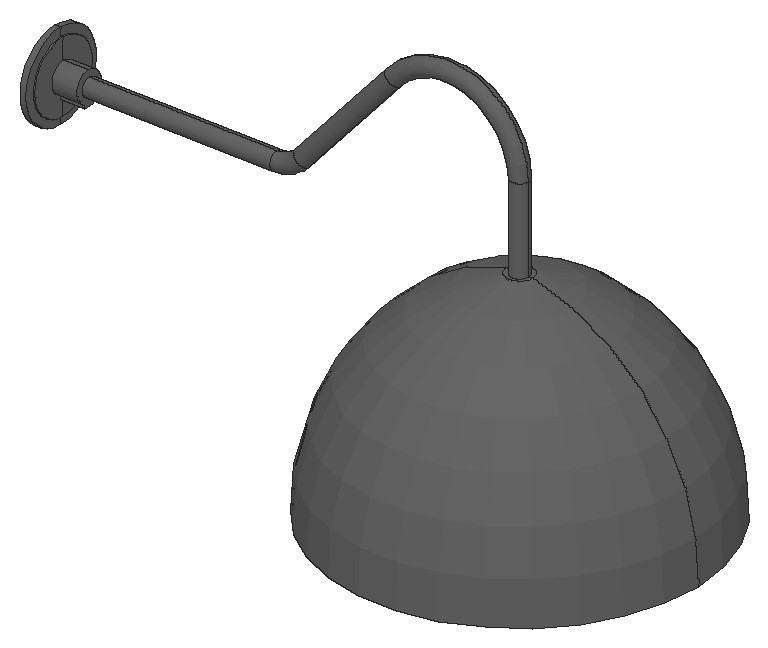
Revit family "DEEP DOME_MB 12,16,20", category Lighting Fixtures, Revit 2020
Family settings
  Round Connector Dimension = Use Diameter
  Part Type = Normal
  OmniClass Number = 23.80.70.00
  OmniClass Title = Lighting
  Work Plane-Based = No
  Always vertical = Yes
  Cut with Voids When Loaded = No
  Light Source = Yes
  Shared = No
  Room Calculation Point = No
Parameters (values of type "DD20")
  b = 0' - 7"
  a = 1' - 0 1/4"
  Weight = "6 lb"
  Wattage Comments = "200W"
  Wattage = 20.1963 W
  Warranty = "5 year limited warranty"  # constant formula
  built-in parameter 1150110 = 1 (stored number, unit not read)
  Voltage = 120 V
  URL = "https://www.anplighting.com/assets/Uploads/product-attachments/specification-sheets/ANP-Specification-Sheet-RLM-MB-DD20.pdf"
  built-in parameter 1114217 = 1 (stored number, unit not read)
  Tilt Angle = 90.00°
  built-in parameter 1150109 = 1 (stored number, unit not read)
  built-in parameter 1150134 = (empty or 0)
  built-in parameter 1150113 = 1 (stored number, unit not read)
  Photometric Web File = "generic"
  built-in parameter 1150142 = (empty or 0)
  Mounting Option [instance] = 2
  Power Factor = 1
  Post Mount [instance] = Mounting Option = 5  # no
  Placement X axis side [instance] = if(Post Mount, 2' 2 15/32", if(Cord or Stem Mount, 0' 0", if(E36 20 inch, 1' 8 1/4", if(E 6 26 inch, 2' 2", if(E7 41 inch, 3' 5 1/4", 0' 1")))))  # 2' - 2"
  Model = "DD20"
  Manufacturer = "ANP Lighting"  # constant formula
  built-in parameter 1150105 = 238.73 (stored number, unit not read)
  Lumens = 3000 lm
  built-in parameter 1150115 = 1 (stored number, unit not read)
  Load Classification = Lighting
  Light Source Height [instance] = 0' - 0"
  built-in parameter 1150137 = (empty or 0)
  built-in parameter 1150139 = (empty or 0)
  Light Elevation _2 [instance] = if(Post Mount, 0' 0.66142", if(E7 41 inch, 0' 0.66142", if(E36 20 inch, 0' 1.65748", if(E 6 26 inch, 0' 1.53543", if(Cord or Stem Mount, (0' 4.3622" + Cord Length), 0' 0")))))  # 0' - 1.53543"
  Light Elevation _1 [instance] = if(Post Mount, 0' 0", if(E7 41 inch, 0' 0", if(E36 20 inch, 0' 1", if(E 6 26 inch, 0' 0.87402", if(Cord or Stem Mount, (0' 3.66142" + Cord Length), 0' 0")))))  # 0' - 0.87402"
  Light Elevation [instance] = if(Post Mount, 14' 0.5315", if(E7 41 inch, 0' 0", 0' 0"))  # 0' - 0"
  Life = "L70 50,000 hours"  # constant formula
  built-in parameter 1150112 = 1 (stored number, unit not read)
  built-in parameter 1150114 = 1 (stored number, unit not read)
  Lamp = "MB"
  built-in parameter 1150132 = 2
  built-in parameter 1150102 = (empty or 0)
  built-in parameter 1150107 = 3000 (stored number, unit not read)
  built-in parameter 1150138 = (empty or 0)
  built-in parameter 1150106 = 2.3873 (stored number, unit not read)
  Fixture Height = 1' - 0 1/4"
  Fixture Diameter = 1' - 8"
  Efficiency = "97-125 lumens per watt"  # constant formula
  built-in parameter 1150104 = 13.8 (stored number, unit not read)
  E7 41 inch [instance] = Mounting Option = 4  # no
  E36 20 inch [instance] = Mounting Option = 3  # no
  E 6 26 inch [instance] = Mounting Option = 2  # yes
  Dimming Lamp Color Temperature Shift = <None>
  Dimming = "1%"  # constant formula
  Description = "120-277 Voltage"  # constant formula
  Default Elevation = 0' - 0"
  DD20 = yes
  DD16 = no
  DD12 = no
  Cord or Stem Mount [instance] = Mounting Option = 1  # no
  Cord Length option [instance] = 0
  Cord Length [instance] = if([2' Cord], 2' 0", if([4' Cord], 4' 0", if([8' Cord], 8' 0", if([10' Cord], 10' 0", if([6' Cord], 6' 0", 6' 0")))))  # 6' - 0"
  Construction Material = "Heavy Duty spun aluminum."  # constant formula
  Color Filter = 16777215
  Canopy Body = body
  CRI = ">90"  # constant formula
  Bulb = Glass
  Body Material = body
  Body Colour = "Spun aluminium"  # constant formula
  built-in parameter 1114218 = 1 (stored number, unit not read)
  built-in parameter 1150133 = 10 (stored number, unit not read)
  Apparent Load = 200 VA
  8' Cord [instance] = Cord Length option = 8  # no
  6' Cord [instance] = Cord Length option = 6  # no
  4' Cord [instance] = Cord Length option = 4  # no
  2' Cord [instance] = Cord Length option = 2  # no
  10' Cord [instance] = Cord Length option = 10  # no
Types (4): name | b | a | Weight | Wattage | URL | Model | built-in parameter 1150105 | Lumens | built-in parameter 1150106 | Fixture Height | Fixture Diameter | DD20 | DD16 | DD12
  (no name) | 0' - 7" | 1' - 0 1/4" | "6 lb" | 20.1963 W | "https://www.anplighting.com/assets/Uploads/product-attachments/specification-sheets/ANP-Specification-Sheet-RLM-MB-DD20.pdf" | "DD20" | 238.73 (stored number, unit not read) | 3000 lm | 2.3873 (stored number, unit not read) | 1' - 0 1/4" | 1' - 8" | yes | no | no
  DD12 | 0' - 3" | 0' - 9 1/4" | "2.0 lb" | 13.4642 W | "https://www.anplighting.com/assets/Uploads/product-attachments/specification-sheets/ANP-Specification-Sheet-RLM-MB-DD12.pdf" | "DD12" | 159.15 (stored number, unit not read) | 2000 lm | 1.5915 (stored number, unit not read) | 0' - 7 1/4" | 1' - 0" | no | no | yes
  DD16 | 0' - 5 1/4" | 0' - 10 3/4" | "4.0 lbs" | 20.1963 W | "https://www.anplighting.com/assets/Uploads/product-attachments/specification-sheets/ANP-Specification-Sheet-RLM-MB-DD16.pdf" | "DD16" | 238.73 (stored number, unit not read) | 3000 lm | 2.3873 (stored number, unit not read) | 0' - 9 3/4" | 1' - 4" | no | yes | no
  DD20 | 0' - 7" | 1' - 0 1/4" | "6 lb" | 20.1963 W | "https://www.anplighting.com/assets/Uploads/product-attachments/specification-sheets/ANP-Specification-Sheet-RLM-MB-DD20.pdf" | "DD20" | 238.73 (stored number, unit not read) | 3000 lm | 2.3873 (stored number, unit not read) | 1' - 0 1/4" | 1' - 8" | yes | no | no
Reference planes (in)
  plane 1 "Light Source Axis (F/B)": y = 0
  plane 2: z = 0
  plane 3 "Light Source Axis (L/R)": x = 0
  plane 4 "Light Source Elevation": z = 0
  plane 5: z = 0
  plane 6: x = 26
  plane 7 "Bulb Position": z = -1.53543
  plane 8 "Canopy Position": z = -0.87402
  plane 9 "IES": z = -1.53543
  plane 10: z = 164.5315
  plane 11: z = -13.12402
  plane 12: z = -6.12402
  plane 13: z = -3.69289
Dimensions and locks (in)
  "Light Elevation": plane 5 to plane 2
  "Placement X axis side": plane 6 to plane 3 "Light Source Axis (L/R)"
  "Light Elevation _2": plane 5 to plane 7 "Bulb Position"
  "Light Elevation _1": plane 5 to plane 8 "Canopy Position"
  "Light Source Height": plane 7 "Bulb Position" to plane 9 "IES"
  locked: plane 4 "Light Source Elevation" to plane 2
  "a": plane 8 "Canopy Position" to plane 11
  "b": plane 12 to plane 11
  locked: plane 13 to plane 12 at 2.43113
  aligned and locked: level to plane 2
  aligned and locked: plane 1 "Light Source Axis (F/B)" to nested 5
  aligned and locked: nested 5 to plane 2
  aligned and locked: nested 1 to plane 3 "Light Source Axis (L/R)"
  aligned and locked: plane 3 "Light Source Axis (L/R)" to nested 2
  aligned and locked: plane 3 "Light Source Axis (L/R)" to nested 4
  aligned and locked: nested 3 to plane 5
  aligned and locked: plane 3 "Light Source Axis (L/R)" to nested 3
  aligned and locked: plane 3 "Light Source Axis (L/R)" to nested 5
  aligned and locked: plane 1 "Light Source Axis (F/B)" to nested 2
  aligned and locked: plane 1 "Light Source Axis (F/B)" to nested 1
  aligned and locked: plane 1 "Light Source Axis (F/B)" to nested 4
  aligned and locked: plane 1 "Light Source Axis (F/B)" to nested 3
  aligned and locked: plane 2 to nested 1
  aligned and locked: plane 2 to nested 2
  aligned and locked: nested 4 to plane 2
  aligned and locked: imposter light to plane 12
  aligned and locked: plane 6 to imposter light
  aligned and locked: plane 1 "Light Source Axis (F/B)" to nested 6
  aligned and locked: plane 1 "Light Source Axis (F/B)" to nested 7
  aligned and locked: plane 1 "Light Source Axis (F/B)" to nested 8
  aligned and locked: plane 6 to nested 8
  aligned and locked: plane 6 to nested 7
  aligned and locked: plane 6 to nested 6
  aligned and locked: nested 8 to plane 8 "Canopy Position"
  aligned and locked: nested 7 to plane 8 "Canopy Position"
  aligned and locked: nested 6 to plane 8 "Canopy Position"
Nested families (in)
  nested 1: "CORD OR STEM MOUNT" at (0, 0, -75.67), visible <- "Cord or Stem Mount", Cord or Stem Mount <- "Cord or Stem Mount", Body Material <- "Body Material", Light Elevation <- "Light Elevation", Cord Length <- "Cord Length", 10' Cord <- "10' Cord", 2' Cord <- "2' Cord", 4' Cord <- "4' Cord", 6' Cord <- "6' Cord", 8' Cord <- "8' Cord", type "CORD OR STEM MOUNT"
    with Light Elevation 0' - 0", Cord or Stem Mount no, Cord Length 6' - 0", Body Material body, 8' Cord no, 6' Cord no, 4' Cord no, 2' Cord no, 10' Cord no
  nested 2: "E6 26 INCH" at (26, 0, 0), visible <- "E 6 26 inch", Chain Length <- "Cord Length", E 6 26 inch <- "E 6 26 inch", Placement X axis side <- "Placement X axis side", Body Material <- "Body Material", Light Elevation <- "Light Elevation", type "E6 26 INCH"
    with Placement X axis side 2' - 2", Light Elevation 0' - 0", E 6 26 inch yes, Chain Length 6' - 0", Body Material body
  nested 3: "E7 41 INCH" at (26, 0, 0), Chain Length <- "Cord Length", visible <- "E7 41 inch", E7 41 inch <- "E7 41 inch", Placement X axis side <- "Placement X axis side", Body Material <- "Body Material", Light Elevation <- "Light Elevation", type "E7 41 INCH"
    with Placement X axis side 2' - 2", Light Elevation 0' - 0", E7 41 inch no, Chain Length 6' - 0", Body Material body
  nested 4: "E36 20 INCH" at (26, 0, 0), visible <- "E36 20 inch", E36 20 inch <- "E36 20 inch", Placement X axis side <- "Placement X axis side", Chain Length <- "Cord Length", Body Material <- "Body Material", Light Elevation <- "Light Elevation", type "E36 20 INCH"
    with Placement X axis side 2' - 2", Light Elevation 0' - 0", E36 20 inch no, Chain Length 6' - 0", Body Material body
  nested 5: "POST MOUNT" at (26, 0, 0), visible <- "Post Mount", Post Mount <- "Post Mount", Placement X axis side <- "Placement X axis side", Chain Length <- "Cord Length", Body Material <- "Body Material", Light Elevation <- "Light Elevation", type "POST MOUNT"
    with Post Mount no, Placement X axis side 2' - 2", Light Elevation 0' - 0", Chain Length 6' - 0", Body Material body
  nested 6: "DD12_1" at (26, 0, -0.87402), DD12 <- "DD12", visible <- "DD12", Body <- "Canopy Body", Bulb <- "Bulb", Light Elevation <- "Light Elevation", type "DD12_1"
    with Light Elevation 0' - 0", DD12 no, Bulb Glass, Body body
  nested 7: "DD16_1" at (26, 0, -0.87402), DD16 <- "DD16", visible <- "DD16", Body <- "Canopy Body", Bulb <- "Bulb", Light Elevation <- "Light Elevation", type "DD16_1"
    with Light Elevation 0' - 0", DD16 no, Bulb Glass, Body body
  nested 8: "DD20_1" at (26, 0, -0.87402), DD20 <- "DD20", visible <- "DD20", Body <- "Canopy Body", Bulb <- "Bulb", Light Elevation <- "Light Elevation", type "DD20_1"
    with Light Elevation 0' - 0", DD20 yes, Bulb Glass, Body body
Definition of nested family "E6 26 INCH"
  Parameters (values of type "E6 26 INCH")
    URL = ""
    Placement X axis side [instance] = 2' - 2"
    Model = ""
    Manufacturer = ""
    Light Elevation [instance] = 8' - 4"
    E 6 26 inch [instance] = yes
    Default Elevation = 0' - 0"
    Chain Length [instance] = 0' - 0"
    Body Material [instance] = none
  Reference planes (in)
    plane 1 "Light Source Axis (F/B)": y = 0
    plane 2: z = 0
    plane 3 "Light Source Axis (L/R)": x = 0
    plane 4 "Light Source Elevation": z = 23.125
    plane 5: z = 100
    plane 6: x = -26
    plane 7: z = 99.125
    plane 8: x = -24.12
    plane 9: x = -25.5474
  Forms (in)
    Extrusion 1, void, not visible
      sketch origin (0, 0, 2.38154) x (1, 0, 0) y (0, 0, 1)
        loop
          circle (0, 4.59925) r 0.16583
      from 1.18594 to 1.75
    Extrusion 2, void, not visible
      sketch origin (0, 0, 2.38154) x (0.707107, -0.707107, 0) y (0, 0, 1)
        loop
          circle (0, 4.59925) r 0.16583
      from 1.18594 to 1.75
    Extrusion 3, void, not visible
      sketch origin (0, 0, 2.38154) x (0.707107, 0.707107, 0) y (0, 0, 1)
        loop
          circle (0, 4.59925) r 0.16583
      from 1.18594 to 1.75
    Extrusion 4, void, not visible
      sketch origin (0, 0, 2.38154) x (0, 1, 0) y (0, 0, 1)
        loop
          circle (0, 4.59925) r 0.16583
      from 1.18594 to 1.75
    Extrusion 5, void, not visible
      sketch origin (0, 0, 2.38154) x (-0.707107, 0.707107, 0) y (0, 0, 1)
        loop
          circle (0, 4.59925) r 0.16583
      from 1.18594 to 1.75
    Extrusion 6, void, not visible
      sketch origin (0, 0, 2.38154) x (-1, 0, 0) y (0, 0, 1)
        loop
          circle (0, 4.59925) r 0.20678
      from 1.18594 to 1.75
    Extrusion 7, void, not visible
      sketch origin (0, 0, 2.38154) x (-0.707107, -0.707107, 0) y (0, 0, 1)
        loop
          circle (0, 4.59925) r 0.16583
      from 1.18594 to 1.75
    Extrusion 8, void, not visible
      sketch origin (0, 0, 2.38154) x (0, -1, 0) y (0, 0, 1)
        loop
          circle (0, 4.59925) r 0.16583
      from 1.18594 to 1.75
    Sweep 9, solid, material <- "Body Material", visible <- "E 6 26 inch"
      path origin (-41.25, 0, 168.51693) x (1, 0, 0) y (0, 0, 1)
        loop
          line (17.13, -68.51693) -> (27.68551, -68.51693)
          arc (27.68551, -68.51693) -> (28.47996, -68.34486) -> (29.13202, -67.8595) r 1.92004
          line (29.13202, -67.8595) -> (34.23651, -62.01155)
          arc (34.23651, -62.01155) -> (38.65464, -60.89667) -> (41.25, -64.64193) r 4
          line (41.25, -64.64193) -> (41.25, -69.39193)
      profile origin (-18.84224, 0, 100) x (0, 0, 1) y (0, -1, 0)
        loop
          circle (0, 0) r 0.5
    Revolve 10, solid, material <- "Body Material", visible <- "E 6 26 inch"
      sketch origin (-26, 0, 168.51693) x (1, 0, 0) y (0, 0, 1)
        loop
          line (0, -66.07943) -> (0, -68.51693) -> (1.88, -68.51693) -> (1.88, -67.69272) -> (0.4526, -67.69272) -> (0.4526, -66.54122) -> (0.33125, -66.54122) -> (0.33125, -66.07943) -> (0, -66.07943)
        axis (0, -68.51693) -> (1.88, -68.51693)
      angle from 0 to 360
    Extrusion 11, solid, material <- "Body Material", visible <- "E 6 26 inch"
      sketch origin (-26, 0, 168.51693) x (0, -1, 0) y (0, 0, -1)
        loop
          line (0.25, 68.51693) -> (0.25, 69.51693) -> (-0.25, 69.51693) -> (-0.25, 68.51693) -> (0.25, 68.51693)
      from 0.4526 to 1.88
  Cuts and joins
    joined: Revolve 10, Extrusion 11
  Dimensions and locks (in)
    "Light Elevation": plane 5 to plane 2
    "Placement X axis side": plane 3 "Light Source Axis (L/R)" to plane 6
    locked: plane 5 to plane 7 at 0.875
    Revolve 10 sketch curve to Revolve 10 sketch curve to Revolve 10 sketch curve to plane 6 = 0' - 1.4274" locked, 0' - 0.12135" locked, 0' - 0.33125" locked
    Revolve 10 sketch curve to Revolve 10 sketch curve to Revolve 10 sketch curve to plane 5 = 0' - 0.46179" locked, 0' - 1.1515" locked, 0' - 0 211/256" locked
    locked: Sweep 9 sketch curve to plane 6 at 1.88
    locked: Sweep 9 sketch curve to Sweep 9 sketch curve at 10.55551
    locked: Sweep 9 sketch curve to Sweep 9 sketch curve at 13.56449
    locked: Sweep 9 sketch curve to Sweep 9 sketch curve at 4.75
    locked: plane 9 to plane 6 at 0.4526
    locked: plane 8 to plane 9 at 1.4274
    aligned and locked: level to plane 2
    aligned and locked: Revolve 10 sketch curve to plane 6
    aligned and locked: plane 5 to Revolve 10 sketch curve
    aligned and locked: Revolve 10 sketch curve to plane 5
    aligned and locked: cut or joined group of Revolve 10, Extrusion 11 to plane 9
    aligned and locked: plane 8 to cut or joined group of Revolve 10, Extrusion 11
  Automatic sketch dimensions
    Sweep 9 sketch curve to plane 5 = 0' - 0"
    Sweep 9 sketch curve to Sweep 9 sketch curve = 0' - 4"
    Sweep 9 sketch curve to Sweep 9 sketch curve = 0' - 3.01349"
    plane 5 to Sweep 9 sketch curve = 0' - 0.65743"
    Sweep 9 sketch curve to Sweep 9 sketch curve = 0' - 1.4465"
    Sweep 9 sketch curve to plane 5 = 0' - 0 7/8"
    profile plane to Sweep 9 sketch curve = 0' - 0"
    Sweep 9 sketch curve to profile plane = 0' - 0"
    plane 6 to Revolve 10 sketch curve = 0' - 0.62562"
    Revolve 10 sketch curve to Revolve 10 sketch curve = 0' - 0 1/2"
    Extrusion 11 sketch curve to plane 5 = 0' - 0"
    plane 1 "Light Source Axis (F/B)" to Extrusion 11 sketch curve = 0' - 0 1/4"
    Extrusion 11 sketch curve to plane 1 "Light Source Axis (F/B)" = 0' - 0 1/4"
    plane 5 to Extrusion 11 sketch curve = 0' - 1"
    radius of Sweep 9 sketch curve = 0' - 0 1/2"
Definition of nested family "DD20_1"
  Parameters (values of type "DD20_1")
    Light Elevation [instance] = 4' - 0"
    Default Elevation = 0' - 0"
    DD20 [instance] = yes
    Bulb [instance] = none
    Body [instance] = none
  Reference planes (in)
    plane 1 "Center (Front/Back)": y = 0
    plane 2: z = 0
    plane 3 "Center (Left/Right)": x = 0
    plane 4: z = 48
  Dimensions and locks (in)
    "Light Elevation": plane 4 to plane 2
    locked: plane 4 to nested 2 at 0.73438
    aligned and locked: plane 2 to level
    aligned and locked: plane 1 "Center (Front/Back)" to nested 1
    aligned and locked: plane 3 "Center (Left/Right)" to nested 1
    aligned and locked: nested 1 to plane 4
    aligned and locked: plane 1 "Center (Front/Back)" to nested 2
    aligned and locked: plane 3 "Center (Left/Right)" to nested 2
  Nested families (in)
    nested 1: "DD20" at (0, 0, 48), Body <- "Body", visible <- "DD20", DD20 <- "DD20", type "DD20"
      with DD20 yes, Body none
    nested 2: "BULB" at (0, 0, 47.26562), Bulb_1 <- "DD20", visible <- "DD20", Bulb <- "Bulb", type "BULB"
      with Bulb_1 yes, Bulb none
  Definition of nested family "DD20"
    Parameters (values of type "DD20")
      Default Elevation = 0' - 0"
      DD20 [instance] = yes
      Body [instance] = none
    Reference planes (in)
      plane 1 "Center (Front/Back)": y = 0
      plane 2: z = 0
      plane 3 "Center (Left/Right)": x = 0
    Forms (in)
      Revolve 1, solid, material <- "Body", visible <- "DD20"
        sketch origin (0, 0, 0) x (1, 0, 0) y (0, 0, 1)
          loop
            arc (-0.75, 0) -> (-7.57459, -4.43535) -> (-9.99537, -12.20626) r 11.99167
            line (-9.99537, -12.20626) -> (-9.93281, -12.20626)
            arc (-9.93281, -12.20626) -> (-7.52778, -4.47706) -> (-0.74277, -0.0625) r 11.92917
            line (-0.74277, -0.0625) -> (-0.27836, -0.0625) -> (-0.27836, 0) -> (-0.75, 0)
          axis (0, -12.20626) -> (0, 0)
        angle from 0 to 360
    Dimensions and locks (in)
      locked: level to Revolve 1 at 12.20626
      locked: Revolve 1 to Revolve 1 at 19.99075
      aligned and locked: plane 2 to level
  Definition of nested family "BULB"
    Parameters (values of type "BULB")
      Default Elevation = 0' - 0"
      Bulb_1 [instance] = yes
      Bulb [instance] = none
    Reference planes (in)
      plane 1 "Center (Front/Back)": y = 0
      plane 2: z = 0
      plane 3 "Center (Left/Right)": x = 0
    Forms (in)
      Revolve 1, solid, material <- "Bulb", visible <- "Bulb_1"
        sketch origin (0, 0, 0) x (1, 0, 0) y (0, 0, 1)
          loop
            line (0, 0) -> (0, -2.26549) -> (0.65522, -2.26549)
            arc (0.65522, -2.26549) -> (0.71144, -2.2422) -> (0.73473, -2.18598) r 0.07951
            line (0.73473, -2.18598) -> (0.73473, -2.07134) -> (0.73473, -0.50226) -> (0.45537, -0.50226) -> (0.40791, -0.42006) -> (0.40791, 0) -> (0, 0)
          axis (0, 0) -> (0, -2.26549)
        angle from 0 to 360
    Dimensions and locks (in)
      aligned and locked: plane 2 to level
Definition of nested family "CORD OR STEM MOUNT"
  Parameters (values of type "CORD OR STEM MOUNT")
    URL = ""
    Model = ""
    Manufacturer = ""
    Light Elevation [instance] = 1' - 7.69"
    Default Elevation = 0' - 0"
    Cord or Stem Mount [instance] = yes
    Cord Length [instance] = 6' - 0"
    Body Material [instance] = none
    8' Cord [instance] = no
    6' Cord [instance] = no
    4' Cord [instance] = no
    2' Cord [instance] = no
    10' Cord [instance] = no
  Reference planes (in)
    plane 1 "Light Source Axis (F/B)": y = 0
    plane 2: z = 0
    plane 3 "Light Source Axis (L/R)": x = 0
    plane 4 "Light Source Elevation": z = 23.125
    plane 5: z = 91.69
    plane 6: z = 19.69
  Forms (in)
    Extrusion 1, void, not visible
      sketch origin (0, 0, 2.38154) x (1, 0, 0) y (0, 0, 1)
        loop
          circle (0, 4.59925) r 0.16583
      from 1.18594 to 1.75
    Extrusion 2, void, not visible
      sketch origin (0, 0, 2.38154) x (0.707107, -0.707107, 0) y (0, 0, 1)
        loop
          circle (0, 4.59925) r 0.16583
      from 1.18594 to 1.75
    Extrusion 3, void, not visible
      sketch origin (0, 0, 2.38154) x (0.707107, 0.707107, 0) y (0, 0, 1)
        loop
          circle (0, 4.59925) r 0.16583
      from 1.18594 to 1.75
    Extrusion 4, void, not visible
      sketch origin (0, 0, 2.38154) x (0, 1, 0) y (0, 0, 1)
        loop
          circle (0, 4.59925) r 0.16583
      from 1.18594 to 1.75
    Extrusion 5, void, not visible
      sketch origin (0, 0, 2.38154) x (-0.707107, 0.707107, 0) y (0, 0, 1)
        loop
          circle (0, 4.59925) r 0.16583
      from 1.18594 to 1.75
    Extrusion 6, void, not visible
      sketch origin (0, 0, 2.38154) x (-1, 0, 0) y (0, 0, 1)
        loop
          circle (0, 4.59925) r 0.20678
      from 1.18594 to 1.75
    Extrusion 7, void, not visible
      sketch origin (0, 0, 2.38154) x (-0.707107, -0.707107, 0) y (0, 0, 1)
        loop
          circle (0, 4.59925) r 0.16583
      from 1.18594 to 1.75
    Extrusion 8, void, not visible
      sketch origin (0, 0, 2.38154) x (0, -1, 0) y (0, 0, 1)
        loop
          circle (0, 4.59925) r 0.16583
      from 1.18594 to 1.75
    Revolve 9, solid, material <- "Body Material", visible <- "Cord or Stem Mount"
      sketch origin (0, 0, 174.56698) x (1, 0, 0) y (0, 0, 1)
        loop
          line (2.6875, -79.20698) -> (0, -79.20698) -> (0, -82.87698) -> (0.125, -82.87698) -> (0.125, -82.83698) -> (0.75, -82.83698)
          arc (0.75, -82.83698) -> (0.81694, -82.77004) -> (0.75, -82.7031) r 0.06694
          line (0.75, -82.7031) -> (0.89763, -82.7031) -> (1.00223, -82.5985) -> (1.06587, -82.5985)
          arc (1.06587, -82.5985) -> (1.80099, -82.29401) -> (2.10549, -81.55888) r 1.03962
          line (2.10549, -81.55888) -> (2.10549, -81.03899)
          arc (2.10549, -81.03899) -> (2.12951, -80.981) -> (2.1875, -80.95698) r 0.08201
          line (2.1875, -80.95698) -> (2.1875, -80.70698) -> (2.6875, -80.70698) -> (2.6875, -79.20698)
        axis (0, -79.20698) -> (0, -82.87698)
      angle from 0 to 360
    Revolve 10, solid, material <- "Body Material", visible <- "Cord or Stem Mount"
      sketch origin (0, 0, 0) x (1, 0, 0) y (0, 0, 1)
        loop
          line (0, 91.69) -> (-0.125, 91.69) -> (-0.125, 19.69) -> (0, 19.69) -> (0, 91.69)
        axis (0, 19.69) -> (0, 91.69)
      angle from 0 to 360
  Dimensions and locks (in)
    "Light Elevation": plane 6 to plane 2
    "Cord Length": plane 5 to plane 6
    locked: Revolve 10 sketch curve to Revolve 10 sketch curve at 0.125
    aligned and locked: level to plane 2
    aligned and locked: Revolve 10 sketch curve to plane 3 "Light Source Axis (L/R)"
    aligned and locked: Revolve 10 sketch curve to plane 6
    aligned and locked: Revolve 10 sketch curve to plane 5
    aligned and locked: plane 3 "Light Source Axis (L/R)" to Revolve 10 sketch curve
  Automatic sketch dimensions
    Revolve 9 sketch curve to plane 3 "Light Source Axis (L/R)" = 0' - 0"  (x2)
    Revolve 9 sketch curve to plane 5 = 0' - 0"
    plane 3 "Light Source Axis (L/R)" to Revolve 9 sketch curve = 0' - 0 1/8"
    Revolve 9 sketch curve to plane 5 = 0' - 0.17388"
    Revolve 9 sketch curve to Revolve 9 sketch curve = 0' - 0 5/8"
    Revolve 9 sketch curve to Revolve 9 sketch curve = 0' - 0.14763"
    Revolve 9 sketch curve to plane 5 = 0' - 0.27847"
    Revolve 9 sketch curve to Revolve 9 sketch curve = 0' - 0.1046"
    Revolve 9 sketch curve to Revolve 9 sketch curve = 0' - 0.06364"
    Revolve 9 sketch curve to Revolve 9 sketch curve = 0' - 1.03962"
    Revolve 9 sketch curve to Revolve 9 sketch curve = 0' - 0 21/256"
    Revolve 9 sketch curve to Revolve 9 sketch curve = 0' - 0 1/2"  (x2)
    Revolve 9 sketch curve to Revolve 9 sketch curve = 0' - 0.51989"
    Revolve 9 sketch curve to Revolve 9 sketch curve = 0' - 0 1/4"
    Revolve 9 sketch curve to Revolve 9 sketch curve = 0' - 2.3519"
    Revolve 9 sketch curve to Revolve 9 sketch curve = 0' - 1 1/4"
    Revolve 9 sketch curve to Revolve 9 sketch curve = 0' - 0.04"
    Revolve 10 sketch curve to Revolve 10 sketch curve = 0' - 0 1/2"
    Revolve 10 sketch curve to Revolve 10 sketch curve = 0' - 0.42345"
Definition of nested family "E7 41 INCH"
  Parameters (values of type "E7 41 INCH")
    URL = ""
    Placement X axis side [instance] = 4' - 2"
    Model = ""
    Manufacturer = ""
    Light Elevation [instance] = 8' - 4"
    E7 41 inch [instance] = yes
    Default Elevation = 0' - 0"
    Chain Length [instance] = 0' - 0"
    Body Material [instance] = none
  Reference planes (in)
    plane 1 "Light Source Axis (F/B)": y = 0
    plane 2: z = 0
    plane 3 "Light Source Axis (L/R)": x = 0
    plane 4 "Light Source Elevation": z = 23.125
    plane 5: z = 100
    plane 6: x = -50
  Forms (in)
    Extrusion 1, void, not visible
      sketch origin (0, 0, 2.38154) x (1, 0, 0) y (0, 0, 1)
        loop
          circle (0, 4.59925) r 0.16583
      from 1.18594 to 1.75
    Extrusion 2, void, not visible
      sketch origin (0, 0, 2.38154) x (0.707107, -0.707107, 0) y (0, 0, 1)
        loop
          circle (0, 4.59925) r 0.16583
      from 1.18594 to 1.75
    Extrusion 3, void, not visible
      sketch origin (0, 0, 2.38154) x (0.707107, 0.707107, 0) y (0, 0, 1)
        loop
          circle (0, 4.59925) r 0.16583
      from 1.18594 to 1.75
    Extrusion 4, void, not visible
      sketch origin (0, 0, 2.38154) x (0, 1, 0) y (0, 0, 1)
        loop
          circle (0, 4.59925) r 0.16583
      from 1.18594 to 1.75
    Extrusion 5, void, not visible
      sketch origin (0, 0, 2.38154) x (-0.707107, 0.707107, 0) y (0, 0, 1)
        loop
          circle (0, 4.59925) r 0.16583
      from 1.18594 to 1.75
    Extrusion 6, void, not visible
      sketch origin (0, 0, 2.38154) x (-1, 0, 0) y (0, 0, 1)
        loop
          circle (0, 4.59925) r 0.20678
      from 1.18594 to 1.75
    Extrusion 7, void, not visible
      sketch origin (0, 0, 2.38154) x (-0.707107, -0.707107, 0) y (0, 0, 1)
        loop
          circle (0, 4.59925) r 0.16583
      from 1.18594 to 1.75
    Extrusion 8, void, not visible
      sketch origin (0, 0, 2.38154) x (0, -1, 0) y (0, 0, 1)
        loop
          circle (0, 4.59925) r 0.16583
      from 1.18594 to 1.75
    Revolve 9, solid, material <- "Body Material", visible <- "E7 41 inch"
      sketch origin (-41.25, 0, 168.39193) x (1, 0, 0) y (0, 0, 1)
        loop
          line (-8.75, -66.20443) -> (-8.75, -68.51693) -> (-6.87, -68.51693) -> (-6.87, -67.69272) -> (-8.2974, -67.69272) -> (-8.2974, -66.54122) -> (-8.41875, -66.54122) -> (-8.41875, -66.20443) -> (-8.75, -66.20443)
        axis (-8.75, -68.51693) -> (-6.87, -68.51693)
      angle from 0 to 360
    Extrusion 10, solid, material <- "Body Material", visible <- "E7 41 inch"
      sketch origin (-41.25, 0, 168.39193) x (0, -1, 0) y (0, 0, -1)
        loop
          line (0.25, 68.51693) -> (0.25, 69.51693) -> (-0.25, 69.51693) -> (-0.25, 68.51693) -> (0.25, 68.51693)
      from -8.2974 to -6.87
    Sweep 11, solid, material <- "Body Material", visible <- "E7 41 inch"
      path origin (-41.25, 0, 168.39193) x (1, 0, 0) y (0, 0, 1)
        loop
          line (-6.87, -68.51693) -> (16.04011, -68.51693)
          arc (16.04011, -68.51693) -> (17.864, -68.13651) -> (19.38375, -67.0587) r 4.5625
          line (19.38375, -67.0587) -> (24.70217, -61.33018)
          arc (24.70217, -61.33018) -> (29.64465, -60.20324) -> (32.5, -64.39193) r 4.5
          line (32.5, -64.39193) -> (32.5, -68.39193)
      profile origin (-36.66494, 0, 99.875) x (0, 0, 1) y (0, -1, 0)
        loop
          circle (0, 0) r 0.5
  Dimensions and locks (in)
    "Placement X axis side": plane 3 "Light Source Axis (L/R)" to plane 6
    "Light Elevation": plane 5 to plane 2
    locked: Revolve 9 sketch curve to Revolve 9 sketch curve at 0.33125
    locked: Revolve 9 sketch curve to Revolve 9 sketch curve at 0.4526
    locked: Revolve 9 sketch curve to Revolve 9 sketch curve at 1.88
    locked: Revolve 9 sketch curve to Revolve 9 sketch curve at 0.82421
    locked: Revolve 9 sketch curve to Revolve 9 sketch curve at 1.1515
    locked: Revolve 9 sketch curve to Revolve 9 sketch curve at 0.33679
    locked: plane 5 to Revolve 9 sketch curve at 0.125
    locked: Extrusion 10 sketch curve to Extrusion 10 sketch curve at 0.5
    locked: Extrusion 10 sketch curve to Extrusion 10 sketch curve at 1
    locked: plane 5 to Extrusion 10 sketch curve at 0.125
    locked: plane 5 to Sweep 11 sketch curve at 0.125
    locked: Sweep 11 sketch curve to Sweep 11 sketch curve at 39.37
    locked: Sweep 11 sketch curve to Sweep 11 sketch curve at 4
    locked: plane 6 to Extrusion 10 at 0.4526
    locked: Sweep 11 sketch curve to plane 6 at 1.88
    locked: Extrusion 10 to Extrusion 10 at 1.4274
    aligned and locked: plane 2 to level
    aligned and locked: Revolve 9 sketch curve to plane 6
  Automatic sketch dimensions
    Revolve 9 sketch curve to plane 5 = 0' - 0 1/8"
    plane 6 to Revolve 9 sketch curve = 0' - 0.62562"
    Revolve 9 sketch curve to Revolve 9 sketch curve = 0' - 0 1/2"
    plane 1 "Light Source Axis (F/B)" to Extrusion 10 sketch curve = 0' - 0 1/4"
    Sweep 11 sketch curve to plane 5 = 0' - 0"
    Sweep 11 sketch curve to Sweep 11 sketch curve = 0' - 4 1/2"
    Sweep 11 sketch curve to Sweep 11 sketch curve = 0' - 3.29783"
    plane 5 to Sweep 11 sketch curve = 0' - 1.33323"
    Sweep 11 sketch curve to Sweep 11 sketch curve = 0' - 5.31842"
    Sweep 11 sketch curve to Sweep 11 sketch curve = 0' - 3.34364"
    profile plane to Sweep 11 sketch curve = 0' - 0"
    Sweep 11 sketch curve to profile plane = 0' - 0"
    radius of Sweep 11 sketch curve = 0' - 0 1/2"
Definition of nested family "E36 20 INCH"
  Parameters (values of type "E36 20 INCH")
    URL = ""
    Placement X axis side [instance] = 1' - 8 1/4"
    Model = ""
    Manufacturer = ""
    Light Elevation [instance] = 8' - 4"
    E36 20 inch [instance] = yes
    Default Elevation = 0' - 0"
    Chain Length [instance] = 0' - 0"
    Body Material [instance] = none
  Reference planes (in)
    plane 1 "Light Source Axis (F/B)": y = 0
    plane 2: z = 0
    plane 3 "Light Source Axis (L/R)": x = 0
    plane 4 "Light Source Elevation": z = 23.125
    plane 5: z = 99
    plane 6: x = -20.25
    plane 7: z = 100
    plane 8: x = -18.37008
    plane 9: x = -19.79724
  Forms (in)
    Extrusion 1, void, not visible
      sketch origin (0, 0, 2.38154) x (1, 0, 0) y (0, 0, 1)
        loop
          circle (0, 4.59925) r 0.16583
      from 1.18594 to 1.75
    Extrusion 2, void, not visible
      sketch origin (0, 0, 2.38154) x (0.707107, -0.707107, 0) y (0, 0, 1)
        loop
          circle (0, 4.59925) r 0.16583
      from 1.18594 to 1.75
    Extrusion 3, void, not visible
      sketch origin (0, 0, 2.38154) x (0.707107, 0.707107, 0) y (0, 0, 1)
        loop
          circle (0, 4.59925) r 0.16583
      from 1.18594 to 1.75
    Extrusion 4, void, not visible
      sketch origin (0, 0, 2.38154) x (0, 1, 0) y (0, 0, 1)
        loop
          circle (0, 4.59925) r 0.16583
      from 1.18594 to 1.75
    Extrusion 5, void, not visible
      sketch origin (0, 0, 2.38154) x (-0.707107, 0.707107, 0) y (0, 0, 1)
        loop
          circle (0, 4.59925) r 0.16583
      from 1.18594 to 1.75
    Extrusion 6, void, not visible
      sketch origin (0, 0, 2.38154) x (-1, 0, 0) y (0, 0, 1)
        loop
          circle (0, 4.59925) r 0.20678
      from 1.18594 to 1.75
    Extrusion 7, void, not visible
      sketch origin (0, 0, 2.38154) x (-0.707107, -0.707107, 0) y (0, 0, 1)
        loop
          circle (0, 4.59925) r 0.16583
      from 1.18594 to 1.75
    Extrusion 8, void, not visible
      sketch origin (0, 0, 2.38154) x (0, -1, 0) y (0, 0, 1)
        loop
          circle (0, 4.59925) r 0.16583
      from 1.18594 to 1.75
    Sweep 9, solid, material <- "Body Material", visible <- "E36 20 inch"
      path origin (-41.25, 0, 169.51693) x (1, 0, 0) y (0, 0, 1)
        loop
          line (22.88, -69.51693) -> (28.93827, -69.51693)
          arc (28.93827, -69.51693) -> (29.97705, -69.28152) -> (30.81284, -68.62128) r 2.40953
          line (30.81284, -68.62128) -> (34.13807, -64.50378)
          arc (34.13807, -64.50378) -> (38.58272, -63.24548) -> (41.25, -67.01693) r 4
          line (41.25, -67.01693) -> (41.25, -70.51693)
      profile origin (-15.34086, 0, 100) x (0, 0, 1) y (0, -1, 0)
        loop
          circle (0, 0) r 0.5
    Revolve 10, solid, material <- "Body Material", visible <- "E36 20 inch"
      sketch origin (-20.25, 0, 169.51693) x (1, 0, 0) y (0, 0, 1)
        loop
          line (0, -67.20443) -> (0, -69.51693) -> (1.88, -69.51693) -> (1.88, -68.69272) -> (0.4526, -68.69272) -> (0.4526, -67.54122) -> (0.33125, -67.54122) -> (0.33125, -67.20443) -> (0, -67.20443)
        axis (0, -69.51693) -> (1.88, -69.51693)
      angle from 0 to 360
    Extrusion 11, solid, material <- "Body Material", visible <- "E36 20 inch"
      sketch origin (-20.25, 0, 169.51693) x (0, -1, 0) y (0, 0, -1)
        loop
          line (0.25, 69.51693) -> (0.25, 70.51693) -> (-0.25, 70.51693) -> (-0.25, 69.51693) -> (0.25, 69.51693)
      from 1.87992 to 0.45276
  Cuts and joins
    joined: Revolve 10, Extrusion 11
  Dimensions and locks (in)
    "Light Elevation": plane 7 to plane 2
    "Placement X axis side": plane 3 "Light Source Axis (L/R)" to plane 6
    locked: plane 7 to plane 5 at 1
    Revolve 10 sketch curve to Revolve 10 sketch curve to Revolve 10 sketch curve to plane 7 = 0' - 0.33679" locked, 0' - 1.1515" locked, 0' - 0 211/256" locked
    locked: Sweep 9 sketch curve to plane 6 at 1.88
    locked: Sweep 9 sketch curve to Sweep 9 sketch curve at 6.05827
    locked: Sweep 9 sketch curve to Sweep 9 sketch curve at 12.31173
    locked: Sweep 9 sketch curve to Sweep 9 sketch curve at 3.5
    Revolve 10 sketch curve to Revolve 10 sketch curve to Revolve 10 sketch curve to plane 6 = 0' - 1.4274" locked, 0' - 0.12135" locked, 0' - 0.33125" locked
    locked: plane 9 to plane 6 at 0.45276
    locked: plane 8 to plane 9 at 1.42717
    aligned and locked: level to plane 2
    aligned and locked: plane 7 to Revolve 10 sketch curve
    aligned and locked: Revolve 10 sketch curve to plane 7
    aligned and locked: Revolve 10 sketch curve to plane 6
    aligned and locked: cut or joined group of Revolve 10, Extrusion 11 to plane 9
    aligned and locked: plane 8 to cut or joined group of Revolve 10, Extrusion 11
  Automatic sketch dimensions
    Sweep 9 sketch curve to plane 7 = 0' - 0"
    Sweep 9 sketch curve to plane 5 = 0' - 0"
    Sweep 9 sketch curve to Sweep 9 sketch curve = 0' - 4"
    Sweep 9 sketch curve to plane 7 = 0' - 0.89565"
    Sweep 9 sketch curve to Sweep 9 sketch curve = 0' - 3.32523"
    Sweep 9 sketch curve to Sweep 9 sketch curve = 0' - 1.87457"
    profile plane to Sweep 9 sketch curve = 0' - 0"
    Sweep 9 sketch curve to profile plane = 0' - 0"
    plane 6 to Revolve 10 sketch curve = 0' - 0.62562"
    Revolve 10 sketch curve to Revolve 10 sketch curve = 0' - 0 1/2"
    plane 7 to Extrusion 11 sketch curve = 0' - 0"
    Extrusion 11 sketch curve to plane 5 = 0' - 0"
    plane 1 "Light Source Axis (F/B)" to Extrusion 11 sketch curve = 0' - 0 1/4"
    Extrusion 11 sketch curve to plane 1 "Light Source Axis (F/B)" = 0' - 0 1/4"
    radius of Sweep 9 sketch curve = 0' - 0 1/2"
Definition of nested family "POST MOUNT"
  Parameters (values of type "POST MOUNT")
    URL = ""
    Post Mount [instance] = yes
    Placement X axis side [instance] = 2' - 2 1/2"
    Model = ""
    Manufacturer = ""
    Light Elevation [instance] = 14' - 0.5168"
    Default Elevation = 0' - 0"
    Chain Length [instance] = 0' - 0"
    Body Material [instance] = none
  Reference planes (in)
    plane 1 "Light Source Axis (F/B)": y = 0
    plane 2: z = 0
    plane 3 "Light Source Axis (L/R)": x = 0
    plane 4 "Light Source Elevation": z = 23.125
    plane 5: x = -26.5
    plane 6: z = 168.5168
  Forms (in)
    Extrusion 1, void, not visible
      sketch origin (0, 0, 2.38154) x (1, 0, 0) y (0, 0, 1)
        loop
          circle (0, 4.59925) r 0.16583
      from 1.18594 to 1.75
    Extrusion 2, void, not visible
      sketch origin (0, 0, 2.38154) x (0.707107, -0.707107, 0) y (0, 0, 1)
        loop
          circle (0, 4.59925) r 0.16583
      from 1.18594 to 1.75
    Extrusion 3, void, not visible
      sketch origin (0, 0, 2.38154) x (0.707107, 0.707107, 0) y (0, 0, 1)
        loop
          circle (0, 4.59925) r 0.16583
      from 1.18594 to 1.75
    Extrusion 4, void, not visible
      sketch origin (0, 0, 2.38154) x (0, 1, 0) y (0, 0, 1)
        loop
          circle (0, 4.59925) r 0.16583
      from 1.18594 to 1.75
    Extrusion 5, void, not visible
      sketch origin (0, 0, 2.38154) x (-0.707107, 0.707107, 0) y (0, 0, 1)
        loop
          circle (0, 4.59925) r 0.16583
      from 1.18594 to 1.75
    Extrusion 6, void, not visible
      sketch origin (0, 0, 2.38154) x (-1, 0, 0) y (0, 0, 1)
        loop
          circle (0, 4.59925) r 0.20678
      from 1.18594 to 1.75
    Extrusion 7, void, not visible
      sketch origin (0, 0, 2.38154) x (-0.707107, -0.707107, 0) y (0, 0, 1)
        loop
          circle (0, 4.59925) r 0.16583
      from 1.18594 to 1.75
    Extrusion 8, void, not visible
      sketch origin (0, 0, 2.38154) x (0, -1, 0) y (0, 0, 1)
        loop
          circle (0, 4.59925) r 0.16583
      from 1.18594 to 1.75
    Revolve 9, solid, material <- "Body Material", visible <- "Post Mount"
      sketch origin (-7.90508, 0, 0) x (1, 0, 0) y (0, 0, 1)
        loop
          line (-18.59492, 3.92912) -> (-16.29831, 3.92912) -> (-16.29831, 4.2668) -> (-16.91413, 4.2668) -> (-16.91413, 134.5168) -> (-17.16413, 134.5168) -> (-17.16413, 137.3918) -> (-17.05979, 137.3918)
          arc (-17.05979, 137.3918) -> (-16.93479, 137.5168) -> (-17.05979, 137.6418) r 0.125
          line (-17.05979, 137.6418) -> (-17.48032, 137.6418) -> (-17.48032, 139.0793) -> (-17.73032, 139.0793) -> (-17.73032, 139.5793) -> (-18.59492, 139.5793) -> (-18.59492, 3.92912)
        axis (-18.59492, 139.5793) -> (-18.59492, 3.92912)
      angle from 0 to 360
    Extrusion 10, solid, material <- "Body Material", visible <- "Post Mount"
      sketch origin (0, 0, 0) x (1, 0, 0) y (0, 1, 0)
        loop
          line (-20.5, 5.93079) -> (-32.5, 5.93079) -> (-32.5, -6.06921) -> (-20.5, -6.06921) -> (-20.5, 5.93079)
      from 0 to 3.92912
    Sweep 11, solid, material <- "Body Material", visible <- "Post Mount"
      path origin (0, 0, 48.5) x (1, 0, 0) y (0, 0, 1)
        loop
          line (0, 120.0168) -> (0, 128.0168)
          arc (0, 128.0168) -> (-13.25, 141.2668) -> (-26.5, 128.0168) r 13.25
          line (-26.5, 128.0168) -> (-26.5, 91.0793)
      profile origin (0, 0, 172.5168) x (-1, 0, 0) y (0, -1, 0)
        loop
          circle (0, 0) r 0.5
    Revolve 12, solid, material <- "Body Material", visible <- "Post Mount"
      sketch origin (0, 0, 0) x (1, 0, 0) y (0, 0, 1)
        loop
          line (0, 168.5168) -> (0.75, 168.5168) -> (0.75, 170.7668) -> (0, 170.7668) -> (0, 168.5168)
        axis (0, 170.7668) -> (0, 168.5168)
      angle from 0 to 360
  Cuts and joins
    joined: Revolve 9, Extrusion 10, Sweep 11, Revolve 12
  Dimensions and locks (in)
    "Placement X axis side": plane 3 "Light Source Axis (L/R)" to plane 5
    "Light Elevation": plane 6 to plane 2
    locked: Revolve 12 sketch curve to plane 5 at 26.5  (x2)
    locked: Revolve 9 sketch curve to plane 2 at 3.92912
    locked: Revolve 9 sketch curve to plane 5 at 2.29661
    locked: Revolve 9 sketch curve to plane 5 at 1.68079
    locked: Revolve 9 sketch curve to plane 5 at 1.43079
    locked: Revolve 9 sketch curve to plane 5 at 1.11461
    locked: Revolve 9 sketch curve to plane 5 at 0.86461
    locked: Revolve 9 sketch curve to Revolve 9 sketch curve at 130.58768
    locked: Revolve 9 sketch curve to Revolve 9 sketch curve at 2.875
    locked: Revolve 9 sketch curve to Revolve 9 sketch curve at 0.25
    locked: Revolve 9 sketch curve to Revolve 9 sketch curve at 1.4375
    locked: Revolve 9 sketch curve to Revolve 9 sketch curve at 0.5
    locked: Sweep 11 sketch curve to Sweep 11 sketch curve at 26.5
    locked: Revolve 12 sketch curve to Revolve 12 sketch curve at 0.75
    locked: cut or joined group of Revolve 9, Extrusion 10, Sweep 11, Revolve 12 to plane 2 at 139.5793
    aligned and locked: level to plane 2
    aligned and locked: plane 5 to Sweep 11 sketch curve
    aligned and locked: Revolve 9 sketch curve to plane 5
  Automatic sketch dimensions
    Revolve 9 sketch curve to plane 5 = 0' - 0"
    Revolve 9 sketch curve to Revolve 9 sketch curve = 0' - 0.10434"
    Revolve 9 sketch curve to Revolve 9 sketch curve = 0' - 0.33768"
    Revolve 9 sketch curve to Revolve 9 sketch curve = 0' - 0 1/4"
    Revolve 9 sketch curve to Revolve 9 sketch curve = 0' - 0 7/16"
    Extrusion 10 sketch curve to plane 5 = 0' - 6"
    plane 5 to Extrusion 10 sketch curve = 0' - 6"
    plane 1 "Light Source Axis (F/B)" to Extrusion 10 sketch curve = 0' - 6.06921"
    Extrusion 10 sketch curve to plane 1 "Light Source Axis (F/B)" = 0' - 5.93079"
    Sweep 11 sketch curve to profile plane = 0' - 0"
    profile plane to Sweep 11 sketch curve = 0' - 0"
    Sweep 11 sketch curve to plane 6 = 0' - 0"
    Sweep 11 sketch curve to plane 6 = 0' - 8"
    plane 6 to Sweep 11 sketch curve = 2' - 4 15/16"
    Revolve 12 sketch curve to plane 6 = 0' - 0"
    Revolve 12 sketch curve to plane 6 = 0' - 2 1/4"
    Revolve 12 sketch curve to Revolve 12 sketch curve = 0' - 0 1/2"
    Revolve 12 sketch curve to Revolve 12 sketch curve = 0' - 0"
    radius of Sweep 11 sketch curve = 0' - 0 1/2"
Definition of nested family "DD12_1"
  Parameters (values of type "DD12_1")
    Light Elevation [instance] = 3' - 0"
    Default Elevation = 0' - 0"
    DD12 [instance] = yes
    Bulb [instance] = none
    Body [instance] = none
  Reference planes (in)
    plane 1 "Center (Front/Back)": y = 0
    plane 2: z = 0
    plane 3 "Center (Left/Right)": x = 0
    plane 4: z = 36
    plane 5: z = 33.25
  Dimensions and locks (in)
    "Light Elevation": plane 4 to plane 2
    plane 5 to nested 1 = 0' - 4 1/2"
    locked: plane 4 to nested 2 at 0.48438
    aligned and locked: plane 2 to level
    aligned and locked: plane 3 "Center (Left/Right)" to nested 1
    aligned and locked: plane 1 "Center (Front/Back)" to nested 1
    aligned and locked: plane 4 to nested 1
    aligned and locked: plane 1 "Center (Front/Back)" to nested 2
    aligned and locked: plane 3 "Center (Left/Right)" to nested 2
  Nested families (in)
    nested 1: "DD 12 BASE" at (0, 0, 36), DD12 <- "DD12", Body <- "Body", visible <- "DD12", type "DD 12 BASE"
    nested 2: "BULB" at (0, 0, 35.51562), visible <- "DD12", Bulb_1 <- "DD12", type "Bulb"
      with Bulb_1 yes
  Definition of nested family "DD 12 BASE"
    Parameters (values of type "DD 12 BASE")
      Lens [instance] = none
      Default Elevation = 0' - 0"
      DD12 [instance] = yes
      Body [instance] = none
    Reference planes (in)
      plane 1 "Center (Front/Back)": y = 0
      plane 2: z = 0
      plane 3 "Center (Left/Right)": x = 0
    Forms (in)
      Revolve 1, solid, material <- "Body", visible <- "DD12"
        sketch origin (0, 0, 0) x (1, 0, 0) y (0, 0, 1)
          loop
            line (0.15625, 0) -> (0.15625, -0.0625) -> (0.6786, -0.0625)
            arc (0.6786, -0.0625) -> (4.53002, -2.76216) -> (5.93748, -7.25) r 7.30501
            line (5.93748, -7.25) -> (6, -7.25)
            arc (6, -7.25) -> (4.57738, -2.72105) -> (0.6875, 0) r 7.36751
            line (0.6875, 0) -> (0.15625, 0)
          axis (0, 0) -> (0, -7.25)
        angle from 0 to 360
    Dimensions and locks (in)
      Revolve 1 to Revolve 1 = 1' - 0"
      Revolve 1 to Revolve 1 = 0' - 7 1/4"
      aligned and locked: plane 2 to level
  Definition of nested family "BULB"
    Parameters (values of type "BULB")
      Default Elevation = 0' - 0"
      Bulb_1 [instance] = yes
      Bulb = none
    Reference planes (in)
      plane 1 "Center (Front/Back)": y = 0
      plane 2: z = 0
      plane 3 "Center (Left/Right)": x = 0
    Forms (in)
      Revolve 1, solid, material <- "Bulb", visible <- "Bulb_1"
        sketch origin (0, 0, 0) x (1, 0, 0) y (0, 0, 1)
          loop
            line (0, 0) -> (0, -2.26549) -> (0.65522, -2.26549)
            arc (0.65522, -2.26549) -> (0.71144, -2.2422) -> (0.73473, -2.18598) r 0.07951
            line (0.73473, -2.18598) -> (0.73473, -2.07134) -> (0.73473, -0.50226) -> (0.45537, -0.50226) -> (0.40791, -0.42006) -> (0.40791, 0) -> (0, 0)
          axis (0, 0) -> (0, -2.26549)
        angle from 0 to 360
    Dimensions and locks (in)
      aligned and locked: plane 2 to level
Definition of nested family "DD16_1"
  Parameters (values of type "DD16_1")
    Light Elevation [instance] = 4' - 0"
    Default Elevation = 0' - 0"
    DD16 [instance] = yes
    Bulb [instance] = none
    Body [instance] = none
  Reference planes (in)
    plane 1 "Center (Front/Back)": y = 0
    plane 2: z = 0
    plane 3 "Center (Left/Right)": x = 0
    plane 4: z = 48
  Dimensions and locks (in)
    "Light Elevation": plane 4 to plane 2
    locked: plane 4 to nested 2 at 0.71875
    aligned and locked: plane 2 to level
    aligned and locked: plane 1 "Center (Front/Back)" to nested 1
    aligned and locked: plane 3 "Center (Left/Right)" to nested 1
    aligned and locked: plane 4 to nested 1
    aligned and locked: plane 1 "Center (Front/Back)" to nested 2
    aligned and locked: plane 3 "Center (Left/Right)" to nested 2
  Nested families (in)
    nested 1: "DD16" at (0, 0, 48), Body <- "Body", visible <- "DD16", DD16 <- "DD16", type "DD16"
      with DD16 yes, Body none
    nested 2: "BULB" at (0, 0, 47.28125), Bulb_1 <- "DD16", visible <- "DD16", Bulb <- "Bulb", type "BULB"
      with Bulb_1 yes
  Definition of nested family "DD16"
    Parameters (values of type "DD16")
      Default Elevation = 0' - 0"
      DD16 [instance] = yes
      Body [instance] = none
    Reference planes (in)
      plane 1 "Center (Front/Back)": y = 0
      plane 2: z = 0
      plane 3 "Center (Left/Right)": x = 0
      plane 4: z = 0
    Forms (in)
      Revolve 1, solid, material <- "Body", visible <- "DD16"
        sketch origin (0, 0, 10) x (1, 0, 0) y (0, 0, 1)
          loop
            line (-0.22125, -10) -> (-1, -10)
            arc (-1, -10) -> (-6.0238, -13.10236) -> (-7.98839, -18.67045) r 8.87288
            line (-7.98839, -18.67045) -> (-7.98839, -19.73442) -> (-7.92589, -19.73442) -> (-7.92589, -18.67045)
            arc (-7.92589, -18.67045) -> (-5.97724, -13.14419) -> (-0.99327, -10.0625) r 8.81038
            line (-0.99327, -10.0625) -> (-0.22125, -10.0625) -> (-0.22125, -10)
          axis (0, -19.73442) -> (0, -10)
        angle from 0 to 360
    Lines and regions (in)
      model lines
        curve 1: line (0, 0, -4.45615) -> (0.05533, 0, -4.45615)
    Dimensions and locks (in)
      level to Revolve 1 = 0' - 9.73442"
      locked: Revolve 1 sketch curve to Revolve 1 sketch curve at 11.13617
      plane 3 "Center (Left/Right)" to Revolve 1 sketch curve to Revolve 1 sketch curve = 0' - 7.92589" locked, 0' - 0 1/16" locked
      locked: Revolve 1 sketch curve to Revolve 1 sketch curve at 11.05251
      Revolve 1 sketch curve to Revolve 1 sketch curve to Revolve 1 sketch curve = 0' - 0 1/16" locked, 0' - 9.67192" locked
      locked: Revolve 1 sketch curve to plane 3 "Center (Left/Right)" at 0.22125
      aligned and locked: plane 2 to level
      aligned and locked: plane 4 to Revolve 1
  Definition of nested family "BULB"
    Parameters (values of type "BULB")
      Default Elevation = 0' - 0"
      Bulb_1 [instance] = yes
      Bulb [instance] = none
    Reference planes (in)
      plane 1 "Center (Front/Back)": y = 0
      plane 2: z = 0
      plane 3 "Center (Left/Right)": x = 0
    Forms (in)
      Revolve 1, solid, material <- "Bulb", visible <- "Bulb_1"
        sketch origin (0, 0, 0) x (1, 0, 0) y (0, 0, 1)
          loop
            line (0, 0) -> (0, -2.26549) -> (0.65522, -2.26549)
            arc (0.65522, -2.26549) -> (0.71144, -2.2422) -> (0.73473, -2.18598) r 0.07951
            line (0.73473, -2.18598) -> (0.73473, -2.07134) -> (0.73473, -0.50226) -> (0.45537, -0.50226) -> (0.40791, -0.42006) -> (0.40791, 0) -> (0, 0)
          axis (0, 0) -> (0, -2.26549)
        angle from 0 to 360
    Dimensions and locks (in)
      aligned and locked: plane 2 to level
